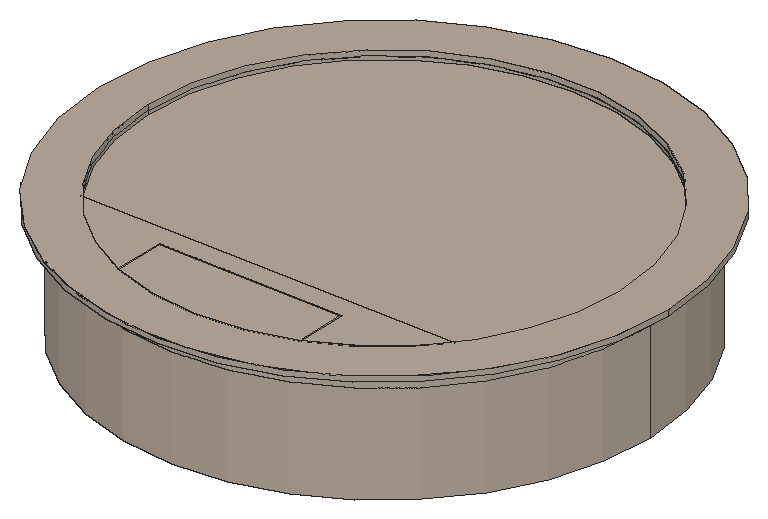
Revit family "Geräteeinsätze GES_Geräteeinsatz_GESR9_mit_Teppichschutzrahmen im Klappdeckel", category Generic Models, Revit 2015
Parameters (values of type "GESR9 SR U 1019")
  URL = "http://www.obo-bettermann.com"
  Snur width = 111 mm
  Outer Diameter Dimension = 324 mm
  Material = Plastic RAL 1019
  Manufacturer Art. No. = "7405520"
  Manufacturer = "OBO Bettermann"
  Inner cut2 = 208 mm
  Inner cut 3 = 230 mm
  Inner cut = 269.5 mm
  Height = 66 mm
  GTIN = "4012195104148"
  Diameter dimesion = 303 mm
  Bodenbelagdicke = 5 mm
  Article Type = "GESR9 SR U 1019"
Types (4, lengths in mm): name | Material | Manufacturer Art. No. | GTIN | Article Type
  (no name) | Plastic RAL 1019 | "7405520" | "4012195104148" | "GESR9 SR U 1019"
  GESR9 SR U 7011 | Plastic RAL 7011 | "7405512" | "4012195104094" | "GESR9 SR U 7011"
  GESR9 SR U 9011 | Plastic RAL 9011 | "7405516" | "4012195104094" | "GESR9 SR U 9011"
  GESR9 SR U 1019 | Plastic RAL 1019 | "7405520" | "4012195104148" | "GESR9 SR U 1019"
Reference planes
  plane 1 "Center (Front/Back)": y = 0
  plane 2: z = 0
  plane 3 "Center (Left/Right)": x = 0
  plane 4: z = -66
  plane 5: z = 3
  plane 6: z = -2
  plane 7: x = 115
  plane 8: x = -115
  plane 9: y = -104
  plane 10: y = 104
  plane 11: y = -87.445
  plane 12: y = 87.445
  plane 13: x = -96.764
  plane 14: x = 96.764
  plane 15: z = -9
  plane 16: y = -82.6
  plane 17: x = -52.3
  plane 18: x = 52.3
  plane 19: y = -94.6
  plane 20: y = -95.6
  plane 21: x = -51.3
  plane 22: x = 51.3
  plane 23: y = -95.6
Forms (mm)
  Extrusion 1, solid, material "Plastic RAL 1019" <- "Material"
    sketch origin (0, 0, 0) x (1, 0, 0) y (0, 1, 0)
      loop
        circle (0, 0) r 162
    from 0 to 3
  Extrusion 2, void
    sketch origin (0, 0, 0) x (1, 0, 0) y (0, 1, 0)
      loop
        circle (0, 0) r 134.75
    from -2 to 3
  Extrusion 3, solid, material "Plastic RAL 1019" <- "Material"
    sketch origin (0, 0, 0) x (1, 0, 0) y (0, 1, 0)
      loop
        circle (0, 0) r 151.5
      loop
        circle (0, 0) r 134.75
    from -2 to 0
  Extrusion 4, solid, material "Plastic RAL 1019" <- "Material"
    sketch origin (0, 0, 0) x (1, 0, 0) y (0, 1, 0)
      loop
        circle (0, 0) r 151.5
    from -9 to -2
  Extrusion 5, solid, material "Plastic RAL 1019" <- "Material"
    sketch origin (0, 0, 0) x (1, 0, 0) y (0, 1, 0)
      loop
        circle (0, 0) r 151.5
      loop
        line (96.764, -104) -> (115, -87.445) -> (115, 0) -> (115, 87.445) -> (96.764, 104) -> (-96.764, 104) -> (-115, 87.445) -> (-115, -87.445) -> (-96.764, -104) -> (96.764, -104)
    from -66 to -9
  Extrusion 6, solid, material "Plastic RAL 1019" <- "Material"
    sketch origin (0, 0, 0) x (1, 0, 0) y (0, 1, 0)
      loop
        arc (-106.465, -82.6) -> (0, -134.75) -> (106.465, -82.6) r 134.75
        line (106.465, -82.6) -> (-106.465, -82.6)
    from 0 to 3
  Extrusion 7, void
    sketch origin (0, 0, 0) x (1, 0, 0) y (0, 1, 0)
      loop
        line (52.3, -94.6) -> (-52.3, -94.6) -> (-52.3, -124.186)
        arc (-52.3, -124.186) -> (-51.8, -124.396) -> (-51.3, -124.603) r 134.75
        line (-51.3, -124.603) -> (-51.3, -95.6) -> (51.3, -95.6) -> (51.3, -124.603)
        arc (51.3, -124.603) -> (51.8, -124.396) -> (52.3, -124.186) r 134.75
        line (52.3, -124.186) -> (52.3, -94.6)
    from -2 to 3
Cuts and joins
  Extrusion 2, Extrusion 7 cuts Extrusion 1
  Extrusion 7 cuts Extrusion 6
Lines and regions (mm)
  model lines
    curve 1: line (0, -82.75, -66) -> (0, -82.75, -56)
    curve 2: line (0, 82.75, -56) -> (0, 82.75, -66)
    curve 3: line (0, 82.75, -66) -> (0, 82.75, -56)
    curve 5: circle (0, 0, 0) r 162 normal (0, 0, 1)
    curve 7: circle (0, 0, 0) r 151.5 normal (0, 0, 1)
    curve 9: circle (0, 0, 0) r 134.75 normal (0, 0, 1)
    curve 10: line (115, 0, 0) -> (115, -87.445, 0)
    curve 11: line (96.764, -104, 0) -> (-96.764, -104, 0)
    curve 12: line (-115, -87.445, 0) -> (-115, 87.445, 0)
    curve 13: line (-96.764, 104, 0) -> (96.764, 104, 0)
    curve 14: line (-115, 87.445, 0) -> (-96.764, 104, 0)
    curve 15: line (115, 87.445, 0) -> (115, 0, 0)
    curve 16: line (115, 87.445, 0) -> (96.764, 104, 0)
    curve 17: line (-115, -87.445, 0) -> (-96.764, -104, 0)
    curve 18: line (115, -87.445, 0) -> (96.764, -104, 0)
    curve 19: line (-52.3, -94.6, 0) -> (-52.3, -124.186, 0)
    curve 20: line (52.3, -124.186, 0) -> (52.3, -94.6, 0)
    curve 21: line (52.3, -94.6, 0) -> (-52.3, -94.6, 0)
    curve 22: line (-51.3, -95.6, 0) -> (-51.3, -124.603, 0)
    curve 23: line (51.3, -124.603, 0) -> (51.3, -95.6, 0)
    curve 24: line (51.3, -95.6, 0) -> (-51.3, -95.6, 0)
    curve 25: line (-106.465, -82.6, 0) -> (106.465, -82.6, 0)
    curve 26: arc (-106.465, -82.6, 0) -> (0, -134.75, 0) -> (106.465, -82.6, 0) r 134.75
    curve 27: arc (-52.3, -124.186, 0) -> (-51.8, -124.396, 0) -> (-51.3, -124.603, 0) r 134.75
    curve 28: arc (52.3, -124.186, 0) -> (51.8, -124.396, 0) -> (51.3, -124.603, 0) r 134.75
  reference lines
    curve 4: circle (0, 0, 0) r 162 normal (0, 0, 1)
    curve 6: circle (0, 0, 0) r 151.5 normal (0, 0, 1)
    curve 8: circle (0, 0, 0) r 134.75 normal (0, 0, 1)
Dimensions and locks
  "Height": plane 4 to level
  locked: level to plane 5 at 3
  "Bodenbelagdicke": plane 6 to plane 5
  equal spacing: plane 10, plane 1 "Center (Front/Back)", plane 9
  "Inner cut2": plane 10 to plane 9
  equal spacing: plane 8, plane 3 "Center (Left/Right)", plane 7
  "Inner cut 3": plane 8 to plane 7
  locked: plane 10 to plane 12 at 16.555
  locked: plane 11 to plane 9 at 16.555
  locked: plane 8 to plane 13 at 18.236
  locked: plane 14 to plane 7 at 18.236
  locked: plane 15 to plane 6 at 7
  locked: plane 17 to plane 21 at 1
  locked: plane 22 to plane 18 at 1
  locked: plane 19 to plane 20 at 1
  locked: plane 1 "Center (Front/Back)" to plane 16 at 82.6
  equal spacing: plane 17, plane 3 "Center (Left/Right)", plane 18
  locked: plane 17 to plane 18 at 104.6
  locked: plane 16 to plane 23 at 13
  "Outer Diameter Dimension": diameter of curve 4
  "Diameter dimesion": diameter of curve 6
  "Inner cut": diameter of curve 8
  aligned and locked: level to plane 2
  aligned and locked: curve 5 to curve 4
  aligned and locked: Extrusion 1 sketch curve to curve 5
  aligned and locked: Extrusion 1 to level
  aligned and locked: plane 5 to Extrusion 1
  aligned and locked: curve 7 to curve 6
  aligned and locked: curve 9 to curve 8
  aligned and locked: Extrusion 2 sketch curve to curve 9
  aligned and locked: Extrusion 2 to plane 6
  aligned and locked: plane 5 to Extrusion 2
  aligned and locked: curve 10 to plane 7
  aligned and locked: plane 9 to curve 11
  aligned and locked: plane 8 to curve 12
  aligned and locked: curve 13 to plane 10
  aligned and locked: Extrusion 3 sketch curve to curve 7
  aligned and locked: Extrusion 3 sketch curve to cut or joined group of Extrusion 1, Extrusion 2, Extrusion 7  (x2)
  aligned and locked: level to Extrusion 3
  aligned and locked: Extrusion 3 to plane 6
  aligned and locked: Extrusion 4 sketch curve to Extrusion 3  (x2)
  aligned and locked: plane 6 to Extrusion 4
  aligned and locked: Extrusion 4 to plane 15
  aligned and locked: Extrusion 5 sketch curve to Extrusion 3  (x2)
  aligned and locked: Extrusion 5 sketch curve to curve 11
  aligned and locked: Extrusion 5 sketch curve to curve 18
  aligned and locked: Extrusion 5 sketch curve to curve 10
  aligned and locked: Extrusion 5 sketch curve to curve 15
  aligned and locked: Extrusion 5 sketch curve to curve 16
  aligned and locked: Extrusion 5 sketch curve to curve 13
  aligned and locked: Extrusion 5 sketch curve to curve 14
  aligned and locked: Extrusion 5 sketch curve to curve 12
  aligned and locked: Extrusion 5 sketch curve to curve 17
  aligned and locked: Extrusion 5 to plane 4
  aligned and locked: Extrusion 5 to plane 15
  aligned and locked: curve 19 to plane 17
  aligned and locked: curve 20 to plane 18
  aligned and locked: curve 21 to plane 19
  aligned and locked: curve 22 to plane 21
  aligned and locked: curve 23 to plane 22
  aligned and locked: curve 25 to plane 16
  aligned and locked: Extrusion 6 sketch curve to curve 25
  aligned and locked: Extrusion 6 sketch curve to curve 26
  aligned and locked: plane 5 to Extrusion 6
  aligned and locked: curve 24 to plane 20
  aligned and locked: plane 23 to plane 20
  aligned and locked: Extrusion 7 sketch curve to curve 21
  aligned and locked: Extrusion 7 sketch curve to curve 24
  aligned and locked: Extrusion 7 sketch curve to curve 23
  aligned and locked: Extrusion 7 sketch curve to curve 20
  aligned and locked: Extrusion 7 sketch curve to curve 28
  aligned and locked: Extrusion 7 sketch curve to curve 22
  aligned and locked: Extrusion 7 sketch curve to curve 19
  aligned and locked: Extrusion 7 sketch curve to curve 27
  aligned and locked: Extrusion 7 to plane 6
  aligned and locked: plane 5 to Extrusion 7
Automatic sketch dimensions
  curve 2 to plane 4 = 0 mm
  curve 1 to plane 4 = 0 mm
  plane 1 "Center (Front/Back)" to curve 1 = 82.75 mm
  curve 2 to plane 1 "Center (Front/Back)" = 82.75 mm
  curve 2 to curve 2 = 10 mm
  curve 1 to curve 1 = 10 mm
  curve 4 to curve 8 = 0 mm  (x2)
  curve 6 to curve 8 = 0 mm  (x2)
  plane 1 "Center (Front/Back)" to curve 6 = 0 mm
  curve 6 to plane 3 "Center (Left/Right)" = 0 mm
  plane 11 to Extrusion 5 sketch curve = 0 mm
  Extrusion 5 sketch curve to plane 14 = 0 mm
  plane 1 "Center (Front/Back)" to Extrusion 5 sketch curve = 0 mm
  curve 5 to curve 26 = 0 mm  (x2)
  curve 5 to curve 27 = 0 mm  (x2)
  curve 5 to curve 28 = 0 mm  (x2)
  curve 26 to plane 16 = 0 mm
  curve 11 to plane 13 = 0 mm
  curve 13 to plane 13 = 0 mm
  curve 27 to plane 17 = 0 mm
  curve 28 to plane 18 = 0 mm
  curve 16 to plane 14 = 0 mm
  curve 18 to plane 14 = 0 mm
  plane 16 to curve 26 = 0 mm
  curve 17 to plane 11 = 0 mm
  curve 10 to plane 11 = 0 mm
  plane 1 "Center (Front/Back)" to curve 15 = 0 mm
  plane 12 to curve 16 = 0 mm
  curve 14 to plane 12 = 0 mm
  curve 26 to curve 25 = 0 mm
  curve 27 to curve 22 = 0 mm
  curve 28 to curve 23 = 0 mm
